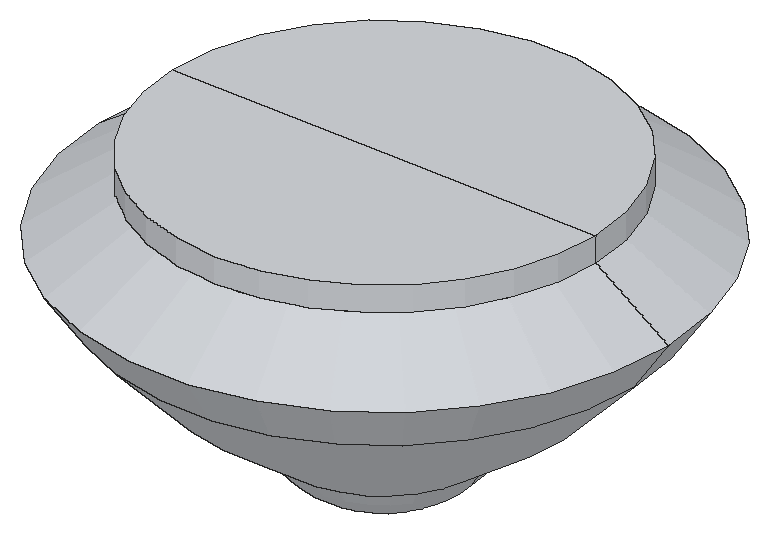
Revit family "IQ8Quad detektor uten alarmorgan", category Fire Alarm Devices, Revit 2013
Parameters (values of type "Type 1")
  Reference Line Out [instance] = 50 mm
  Montering tekst synlig [instance] = no
  Montering [instance] = "HIM"
  Material = none
  Height = 62 mm
  Diameter = 117 mm
  Symbol Positive Direction [instance] = yes
  Symbol Offset Side [instance] = 0 mm
  Symbol Offset Out [instance] = 0 mm
Reference planes
  plane 1 "Center (Front/Back)": y = 0
  plane 2: z = 0
  plane 3 "Center (Left/Right)": x = 0
  plane 4: z = -62
  plane 5: x = 58.5
  plane 6: x = -58.5
  plane 7: z = -25
  plane 8: z = -5
  plane 9: z = -15
  plane 10: z = -52
Forms (mm)
  Revolve 1, solid, material <- "Material"
    sketch origin (0, 0, 0) x (1, 0, 0) y (0, 0, 1)
      loop
        line (0, 0) -> (0, -62) -> (2.78, -62)
        arc (2.78, -62) -> (12.737, -59.319) -> (20, -52) r 19.826
        arc (20, -52) -> (36.966, -39.918) -> (51.5, -25) r 116.124
        line (51.5, -25) -> (58.5, -15) -> (43.5, -5) -> (43.5, 0) -> (0, 0)
      axis (0, 0) -> (0, -62)
    angle from 0 to 360
Lines and regions (mm)
  model lines, style "InvisibleLines"
    curve 1: line (0, 0, 0) -> (0, 174.071, 0)
Dimensions and locks
  "Height": plane 2 to plane 4
  "Diameter": plane 5 to plane 6
  equal spacing: plane 6, plane 3 "Center (Left/Right)", plane 5
  plane 2 to plane 8 = 5 mm
  locked: plane 5 to Revolve 1 sketch curve at 15
  plane 8 to plane 7 = 20 mm
  locked: plane 2 to plane 9 at 15
  locked: plane 10 to plane 4 at 10
  locked: plane 5 to Revolve 1 sketch curve at 7
  aligned and locked: level to plane 2
  aligned and locked: Revolve 1 sketch curve to plane 3 "Center (Left/Right)"  (x2)
  aligned and locked: Revolve 1 sketch curve to level
  aligned and locked: plane 3 "Center (Left/Right)" to nested 1
  aligned and locked: plane 1 "Center (Front/Back)" to nested 1
  aligned and locked: Revolve 1 sketch curve to plane 4
  aligned and locked: plane 4 to Revolve 1 sketch curve
  aligned and locked: plane 8 to Revolve 1 sketch curve
  aligned and locked: plane 9 to Revolve 1 sketch curve
  aligned and locked: plane 5 to Revolve 1 sketch curve
  aligned and locked: plane 7 to Revolve 1 sketch curve
  aligned and locked: plane 1 "Center (Front/Back)" to curve 1
  aligned and locked: plane 3 "Center (Left/Right)" to curve 1
Automatic sketch dimensions
  Revolve 1 sketch curve to plane 10 = 0 mm
  Revolve 1 sketch curve to plane 6 = 19.893 mm
  Revolve 1 sketch curve to Revolve 1 sketch curve = 17.22 mm
  Revolve 1 sketch curve to plane 4 = 208.015 mm
  Revolve 1 sketch curve to Revolve 1 sketch curve = 2127.479 mm
  plane 3 "Center (Left/Right)" to Revolve 1 sketch curve = 2.78 mm
  curve 1 to curve 1 = 174.071 mm
Nested families
  nested 1: "BranndetektorGradS" at (0, 0, 0), type "Type 1"
Connectors
  electrical at (0, 0, 0)
    settings: index 1, voltage 0 V, apparent load 0 VA, apparent load phase1 0 VA, apparent load phase2 0 VA, apparent load phase3 0 VA, power factor 1, load classification "Other", number of poles 1, system type 11, power factor state 1, is connector primary yes, connector utility no, sub classification motor no, connector description ""
Definition of nested family "BranndetektorGradS"
  Parameters (values of type "Type 1")
    Montering tekst synlig = no
    Montering = "HIM"
    CQ Symbol Positive Direction = yes
    CQ Symbol Negative Direction = not(CQ Symbol Positive Direction)  # no
    CQ Symbol Offset Side = 0 mm
    CQ Symbol Offset Out = 0 mm
  Reference planes
    plane 1: y = 0
    plane 2: x = 0
  Dimensions and locks
    "CQ Symbol Offset Side": nested 2 to plane 2
    "CQ Symbol Offset Side": plane 2 to nested 1
    "CQ Symbol Offset Out": plane 1 to nested 1
    "CQ Symbol Offset Out": plane 1 to nested 2
  Nested families
    nested 1: "BranndetektorGradSub" at (0, 0, 0), visible <- "CQ Symbol Positive Direction", type "Type1"
    nested 2: "BranndetektorGradSub" at (0, 0, 0), visible <- "CQ Symbol Negative Direction", type "Type1"
  Definition of nested family "BranndetektorGradSub"
    Parameters (values of type "Type1")
      Montering tekst synlig (default) = no
      Montering = "HIM"
    Reference planes
      plane 1: y = 0
      plane 2: x = 0
    Lines and regions (mm)
      detail lines
        curve 1: line (-2.5, -2.5, 0) -> (2.5, -2.5, 0)
        curve 2: line (2.5, -2.5, 0) -> (2.5, 2.5, 0)
        curve 3: line (2.5, 2.5, 0) -> (-2.5, 2.5, 0)
        curve 4: line (-2.5, 2.5, 0) -> (-2.5, -2.5, 0)
        curve 13: circle (0.008, 1.018, 0) r 0.354 normal (0, 0, 1)
        curve 14: line (0.868, -0.472, 0) -> (0.868, 0.292, 0)
        curve 15: line (1.368, 0.792, 0) -> (1.668, 0.792, 0)
        curve 16: line (1.368, -0.972, 0) -> (1.668, -0.972, 0)
        curve 17: arc (0.868, 0.292, 0) -> (1.014, 0.646, 0) -> (1.368, 0.792, 0) r 0.5
        curve 18: arc (0.868, -0.472, 0) -> (1.014, -0.826, 0) -> (1.368, -0.972, 0) r 0.5
      detail lines, style "Fire Alarm"
        curve 5: circle (-1.25, -1.5, 0) r 0.25 normal (0, 0, 1)
        curve 6: line (-1.25, -0.75, 0) -> (-1, 1.5, 0)
        curve 7: arc (-1, 1.5, 0) -> (-1.25, 1.75, 0) -> (-1.5, 1.5, 0) r 0.25
        curve 8: line (-1.5, 1.5, 0) -> (-1.25, -0.75, 0)
        curve 9: line (-1.25, 0.5, 0) -> (-1.25, 1.5, 0)
      reference lines
        curve 10: line (-2.5, 0, 0) -> (2.5, 0, 0)
        curve 11: line (0, -2.5, 0) -> (0, 2.5, 0)
      detail lines, style "InvisibleLines"
        curve 12: line (3.5, 3.115, 0) -> (3.5, -6.739, 0)
    Nested families
      nested 1: "txt 1_50" at (3.379, 2.424, 0), visible <- "Montering tekst synlig (default)", type "txt"
    Definition of nested family "txt 1_50"
      Parameters (values of type "txt")
        Type Name = "HIM"
      Reference planes
        plane 1: y = 0
        plane 2: x = 0
      Text (mm)
        label "TXT" at (-0.009, 0, 0), shows "Type Name"
